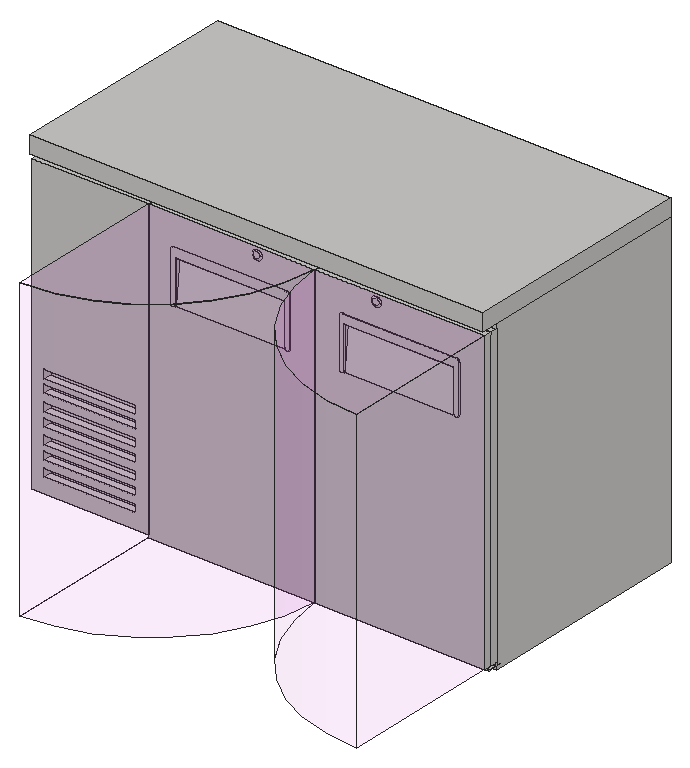
Revit family "QF_True_TBB24-48-2S-ZI-SFT-S-1_ Solid_Swing_Door_Back_Bar", category Specialty Equipment, Revit 2021 (continued)
Definition of nested family "Family3"
  Definition of nested family "5 INCHES 01_CASTER 2"
    Forms (in)
      Extrusion 6, solid, visible <- "Key Locks"
        sketch origin (-0.96875, 2.04726, -0.57589) x (0, 1, 0) y (0, 0, -1)
          loop
            arc (-1.53273, -2.64711) -> (-1.45411, -2.76529) -> (-1.38688, -2.89031) r 1.51617
            arc (-1.38688, -2.89031) -> (-1.13602, -3.13035) -> (-0.79652, -3.20306) r 0.63657
            arc (-0.79652, -3.20306) -> (-0.67098, -3.20163) -> (-0.54633, -3.21661) r 0.9589
            line (-0.54633, -3.21661) -> (0.23309, -3.66661) -> (0.42979, -3.32592)
            arc (0.42979, -3.32592) -> (0.46473, -3.10362) -> (0.3415, -2.91533) r 0.313
            line (0.3415, -2.91533) -> (0.21087, -3.04595)
            arc (0.21087, -3.04595) -> (0.24081, -3.14321) -> (0.14284, -3.17074) r 0.07109
            line (0.14284, -3.17074) -> (-0.52795, -2.78336)
            arc (-0.52795, -2.78336) -> (-0.62217, -2.51108) -> (-0.36609, -2.37904) r 0.22
            arc (-0.36609, -2.37904) -> (-0.3435, -2.357) -> (-0.33862, -2.32583) r 0.05
            arc (-0.33862, -2.32583) -> (-0.50047, -2.10967) -> (-0.75504, -2.01961) r 0.46592
            line (-0.75504, -2.01961) -> (-1.49574, -2.01961)
            arc (-1.49574, -2.01961) -> (-1.57675, -2.00894) -> (-1.65224, -1.97767) r 0.313
            line (-1.65224, -1.97767) -> (-2.05389, -1.74578)
            arc (-2.05389, -1.74578) -> (-2.2914, -1.71451) -> (-2.48146, -1.86034) r 0.313
            line (-2.48146, -1.86034) -> (-2.58496, -2.03961)
        from 0 to 0.0625
      Extrusion 7, solid, visible <- "Key Locks"
        sketch origin (-0.96875, 2.04726, -0.57589) x (0, 1, 0) y (0, 0, -1)
          loop
            line (-0.45692, -2.6604) -> (0.47061, -3.19578)
            arc (0.47061, -3.19578) -> (0.44304, -3.03852) -> (0.3415, -2.91533) r 0.313
            line (0.3415, -2.91533) -> (-0.36656, -2.53415)
            arc (-0.36656, -2.53415) -> (-0.48136, -2.54745) -> (-0.45692, -2.6604) r 0.078
        from 0 to 0.5
      Extrusion 8, solid, visible <- "Key Locks"
        sketch origin (0.96875, 2.04726, -0.57589) x (0, 1, 0) y (0, 0, 1)
          loop
            line (-2.58496, 2.03961) -> (-2.48146, 1.86034)
            arc (-2.48146, 1.86034) -> (-2.2914, 1.71451) -> (-2.05389, 1.74578) r 0.313
            line (-2.05389, 1.74578) -> (-1.65224, 1.97767)
            arc (-1.65224, 1.97767) -> (-1.57675, 2.00894) -> (-1.49574, 2.01961) r 0.313
            line (-1.49574, 2.01961) -> (-0.75504, 2.01961)
            arc (-0.75504, 2.01961) -> (-0.50047, 2.10967) -> (-0.33862, 2.32583) r 0.46592
            arc (-0.33862, 2.32583) -> (-0.3435, 2.357) -> (-0.36609, 2.37904) r 0.05
            arc (-0.36609, 2.37904) -> (-0.62217, 2.51108) -> (-0.52795, 2.78336) r 0.22
            line (-0.52795, 2.78336) -> (0.14284, 3.17074)
            arc (0.14284, 3.17074) -> (0.24081, 3.14321) -> (0.21087, 3.04595) r 0.07109
            line (0.21087, 3.04595) -> (0.3415, 2.91533)
            arc (0.3415, 2.91533) -> (0.46473, 3.10362) -> (0.42979, 3.32592) r 0.313
            line (0.42979, 3.32592) -> (0.23309, 3.66661) -> (-0.54633, 3.21661)
            arc (-0.54633, 3.21661) -> (-0.67098, 3.20163) -> (-0.79652, 3.20306) r 0.9589
            arc (-0.79652, 3.20306) -> (-1.13602, 3.13035) -> (-1.38688, 2.89031) r 0.63657
            arc (-1.38688, 2.89031) -> (-1.45411, 2.76529) -> (-1.53273, 2.64711) r 1.51617
            line (-1.53273, 2.64711) -> (-1.89213, 2.43961) -> (-2.58496, 2.03961)
        from 0 to 0.0625
      Extrusion 9, solid, visible <- "Key Locks"
        sketch origin (0.96875, 2.04726, -0.57589) x (0, 1, 0) y (0, 0, 1)
          loop
            arc (-0.45692, 2.6604) -> (-0.48136, 2.54745) -> (-0.36656, 2.53415) r 0.078
            line (-0.36656, 2.53415) -> (0.3415, 2.91533)
            arc (0.3415, 2.91533) -> (0.44304, 3.03852) -> (0.47061, 3.19578) r 0.313
            line (0.47061, 3.19578) -> (-0.45692, 2.6604)
        from 0 to 0.5
    Cuts and joins
      joined: Extrusion 2, Extrusion 4, Extrusion 5
    Lines and regions (in)
      symbolic lines, visible <- "Show 5" Casters"
        curve 1: line (0.54262, 2.21348, 0) -> (1.50337, 1.65879, 0)
        curve 2: line (-1.45738, -1.25062, 0) -> (-0.70738, 0.04842, 0)
        curve 3: line (-0.49663, -1.80531, 0) -> (-1.45738, -1.25062, 0)
        curve 4: line (1.50337, 1.65879, 0) -> (0.75337, 0.35975, 0)
        curve 5: line (-0.20738, 0.91444, 0) -> (0.54262, 2.21348, 0)
        curve 6: line (0.25337, -0.50627, 0) -> (-0.49663, -1.80531, 0)
    Dimensions and locks (in)
      plane 4 "TOP" to level = 5"  (x2)
      aligned and locked: level to plane 1
  Definition of nested family "6 INCHES LEGS"
    Parameters (values of type "6 INCHES LEGS")
      Weight = ""
      URL Manufacturer = ""
      URL Cutsheet = ""
      URL = ""
      Type Mark [instance] = ""
      Status [instance] = ""
      Specification by User [instance] = ""
      Specification by Manufacturer = ""
      Show 6" Legs [instance] = yes
      Show Seismic Flanged [instance] = yes
      Serial Number = ""
      Seismic Rating = ""
      SMACNA No = ""
      Revision Code [instance] = ""
      Omniclass Number and Title = ""
      NAFEM Spec ID Number = ""
      Model = ""
      MasterSpec. = ""
      Manufacturer = ""
      Item Number [instance] = ""
      Installed By [instance] = ""
      Identify Quantity as Lot [instance] = yes
      Furnished By [instance] = ""
      Foodservice Equipment Identifier [instance] = yes
      Description = ""
      Default Elevation = 0"
      CSI MasterFormat = ""
      CSI Master Format = ""
      Assembly Code = ""
    Reference planes (in)
      plane 1: z = 0
      plane 2 "RIGHT": x = 0
      plane 3 "FRONT": y = 0
      plane 4 "TOP": z = 6
    Forms (in)
      Revolve 1, solid, visible <- "Show 6" Legs"
        sketch origin (11.12172, 0, 0) x (-1, 0, 0) y (0, 0, -1)
          loop
            line (11.12172, -6) -> (11.12172, 0) -> (10.62172, 0) -> (10.62172, -1.30261) -> (10.37172, -1.30261) -> (10.37172, -6) -> (11.12172, -6)
          axis (11.12172, 0) -> (11.12172, -6)
        angle from 0 to 360
      Extrusion 2, solid, visible <- "Show Seismic Flanged"
        sketch origin (0, 0, 0) x (1, 0, 0) y (0, 1, 0)
          loop
            circle (0, 0) r 1
        from 0 to 0.03125
    Dimensions and locks (in)
      plane 4 "TOP" to level = 6"  (x2)
      locked: Revolve 1 sketch curve to Revolve 1 sketch curve at 1.30261
      locked: Revolve 1 sketch curve to Revolve 1 sketch curve at 0.75
      aligned and locked: level to plane 1
  Definition of nested family "6 INCHES LEGS WITH FLANGED"
    Parameters (values of type "6 INCHES LEGS WITH FLANGED")
      Weight = ""
      URL Manufacturer = ""
      URL Cutsheet = ""
      URL = ""
      Type Mark [instance] = ""
      Status [instance] = ""
      Specification by User [instance] = ""
      Specification by Manufacturer = ""
      Show 6" Seismic Flanged [instance] = yes
      Serial Number = ""
      Seismic Rating = ""
      SMACNA No = ""
      Revision Code [instance] = ""
      Omniclass Number and Title = ""
      NAFEM Spec ID Number = ""
      Model = ""
      MasterSpec. = ""
      Manufacturer = ""
      Item Number [instance] = ""
      Installed By [instance] = ""
      Identify Quantity as Lot [instance] = yes
      Furnished By [instance] = ""
      Foodservice Equipment Identifier [instance] = yes
      Description = ""
      Default Elevation = 0"
      CSI MasterFormat = ""
      CSI Master Format = ""
      Assembly Code = ""
    Reference planes (in)
      plane 1: z = 0
      plane 2 "RIGHT": x = 0
      plane 3 "FRONT": y = 0
      plane 4 "TOP": z = 6
    Forms (in)
      Revolve 1, solid, visible <- "Show 6" Seismic Flanged"
        sketch origin (11.12172, 0, 0) x (-1, 0, 0) y (0, 0, -1)
          loop
            line (11.12172, -6) -> (11.12172, 0) -> (10.62172, 0) -> (10.62172, -1.30261) -> (10.37172, -1.30261) -> (10.37172, -6) -> (11.12172, -6)
          axis (11.12172, 0) -> (11.12172, -6)
        angle from 0 to 360
      Extrusion 2, solid, visible <- "Show 6" Seismic Flanged"
        sketch origin (0, 0, 0) x (1, 0, 0) y (0, 1, 0)
          loop
            circle (0, 0) r 1
        from 0 to 0.03125
    Dimensions and locks (in)
      plane 4 "TOP" to level = 6"  (x2)
      locked: Revolve 1 sketch curve to Revolve 1 sketch curve at 1.30261
      locked: Revolve 1 sketch curve to Revolve 1 sketch curve at 0.75
      aligned and locked: level to plane 1
